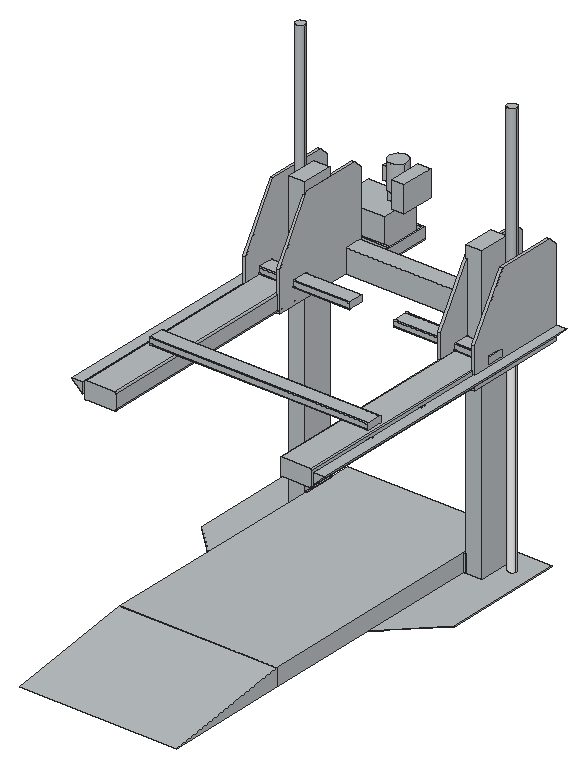
Revit family "DockEquipment_LiftTable_Pentalift_ForkTruckMaintenance", category Specialty Equipment, Revit 2026
Family settings
  Round Connector Dimension = Use Diameter
  Part Type = Normal
  Work Plane-Based = Yes
  Enable Cutting in Views = No
  Always vertical = No
  Cut with Voids When Loaded = No
  Maintain Annotation Orientation = No
  Shared = No
  Room Calculation Point = No
Parameters
  offset [instance] = 0' - 0"
  Warranty Duration (Years) = 0
  Unit Width = 8' - 1"
  Unit Length = 15' - 3 1/2"
  URL = "http://www.pentalift.com/index.php"
  Specification = ""
  SpecWizard = ""
  Send Message = "http://www.arcat.com/users.pl?action=UserEmail&company=Pentalift Equipment Corp.&coid=34752&rep=119&fax=519-763-2894&mf="
  Sales Information = "http://www.pentalift.com/about-us.htm"
  Revision = "R1_01-2012"
  Product Properties = ""
  Product Data = "http://www.arcat.com/arcatcos/cos34/arc34752.html"
  Platform Width = 5' - 0"
  Platform Length = 9' - 1"
  Platform Height [instance] = 6' - 6 3/4"
  Model = "As Specified"
  Material [instance] = Metal - Steel - Pentalift - Painted - Gray
  Manufacturer Website = "http://www.pentalift.com/index.php"
  Manufacturer Phone - Toll Free = ""
  Manufacturer Phone = "519-763-3625 "
  Manufacturer Fax = "519-763-2894"
  Manufacturer Address = "21 Nicholas Beaver Rd. Guelph, ON, Canada N1H 6H9 "
  Manufacturer = "Pentalift Equipment Corp."
  Maintenance Schedule (Months) = 0
  Keynote = "11160"
  Installation-Fabrication = ""
  Installation Phase = ""
  Green Building-LEED = ""
  Expected Lifespan (Years) = 0
  Drawn By = "Sumex Design, Inc. / Robert S. Weygant, CSI, CDT, SCIP"
  Description = "Pentalift Dock Equipment as Specified"
  Default Elevation = 4' - 0"
  Copyright = "©Arcat Inc."
  Construction Details = "http://www.arcat.com/details/pentalif/pentalif.html?coid=34752"
  Capacity (Weight) = 0.00 kip
  Assembly Code = "E1030300"
  Adjustable Support Position [instance] = 7' - 0"
Reference planes (in)
  plane 1 "Center (Front/Back)": y = 0
  plane 2 "Bottom": z = 0
  plane 3 "Center (Left/Right)": x = 0
  plane 4 "Front": y = -91.75
  plane 5 "Back": y = 91.75
  plane 6 "Left": x = -48.5
  plane 7 "Right": x = 48.5
  plane 8: y = 65.25
  plane 9: z = 6.75
  plane 10: z = 78.75
  plane 11: x = -30
  plane 12: x = 30
  plane 13: y = -43.75
  plane 14: z = 113
Forms (in)
  Extrusion 1, solid, material "Metal - Steel - Pentalift - Painted - Gray" <- "Material"
    sketch origin (0, 0, 0) x (1, 0, 0) y (0, 1, 0)
      loop
        line (-30, 65.25) -> (-30, -43.75) -> (30, -43.75) -> (30, 65.25) -> (-30, 65.25)
    from 0 to 6.75
  Extrusion 2, solid, material "Metal - Steel - Pentalift - Painted - Gray" <- "Material"
    sketch origin (-30, 36.45398, 48) x (0, 1, 0) y (0, 0, 1)
      loop
        line (-80.20398, -41.25) -> (-128.20398, -48) -> (-80.20398, -48) -> (-80.20398, -41.25)
    from 0 to 60
  Extrusion 3, solid, material "Metal - Steel - Pentalift - Painted - Gray" <- "Material"
    sketch origin (0, 0, 0) x (1, 0, 0) y (0, 1, 0)
      loop
        line (-31, 57.875) -> (-37, 57.875) -> (-37, 45.875) -> (-31, 45.875) -> (-31, 57.875)
      loop
        line (31, 57.875) -> (31, 45.875) -> (37, 45.875) -> (37, 57.875) -> (31, 57.875)
    from 0 to 113
  Extrusion 4, solid, material "Metal - Chrome - Pentalift - Polished"
    sketch origin (0, 0, 0) x (1, 0, 0) y (0, 1, 0)
      loop
        circle (-40.64961, 55.95848) r 1.5
      loop
        circle (40.64961, 55.95848) r 1.5
    from 0 to 106.75
  Extrusion 5, solid, material "Metal - Steel - Pentalift - Painted - Gray" <- "Material"
    sketch origin (0, 0, 0) x (1, 0, 0) y (0, 1, 0)
      loop
        line (-30, 65.25) -> (-48.5, 65.25) -> (-48.5, 18.5) -> (-30, 0) -> (-30, 65.25)
      loop
        line (30, 65.25) -> (30, 0) -> (48.5, 18.5) -> (48.5, 65.25) -> (30, 65.25)
    from 0 to 0.25
  Extrusion 6, solid, material "Metal - Steel - Pentalift - Painted - Gray" <- "Material"
    sketch origin (0, 0, 0) x (1, 0, 0) y (0, 1, 0)
      loop
        line (-31, 57.875) -> (-31, 45.875) -> (-30, 45.875) -> (-30, 57.875) -> (-31, 57.875)
      loop
        line (31, 57.875) -> (30, 57.875) -> (30, 45.875) -> (31, 45.875) -> (31, 57.875)
    from 0 to 6.75
Dimensions and locks (in)
  equal spacing: plane 6 "Left", plane 3 "Center (Left/Right)", plane 7 "Right"
  "Unit Width": plane 6 "Left" to plane 7 "Right"
  equal spacing: plane 5 "Back", plane 1 "Center (Front/Back)", plane 4 "Front"
  "Unit Length": plane 5 "Back" to plane 4 "Front"
  locked: plane 9 to level at 6.75
  "Platform Height": plane 10 to level
  equal spacing: plane 11, plane 3 "Center (Left/Right)", plane 12
  "Platform Width": plane 11 to plane 12
  locked: plane 13 to plane 4 "Front" at 48
  "Platform Length": plane 13 to plane 8
  locked: plane 14 to level at 113
  locked: Extrusion 4 to plane 10 at 28
  aligned and locked: plane 9 to Extrusion 1
  aligned and locked: plane 12 to Extrusion 2
  aligned and locked: plane 14 to Extrusion 3
  aligned and locked: plane 9 to Extrusion 6
  aligned and locked: plane 3 "Center (Left/Right)" to nested 1
  aligned and locked: nested 1 to plane 13
Automatic sketch dimensions
  Extrusion 1 sketch curve to plane 11 = 0' - 0"
  Extrusion 1 sketch curve to plane 12 = 0' - 0"
  Extrusion 1 sketch curve to plane 13 = 0' - 0"
  Extrusion 1 sketch curve to plane 8 = 0' - 0"
  Extrusion 2 sketch curve to level = 0' - 0"
  Extrusion 2 sketch curve to plane 4 "Front" = 0' - 0"
  Extrusion 2 sketch curve to plane 13 = 0' - 0"
  Extrusion 2 sketch curve to plane 9 = 0' - 0"
  Extrusion 5 sketch curve to plane 6 "Left" = 0' - 0"
  Extrusion 5 sketch curve to plane 1 "Center (Front/Back)" = 0' - 0"  (x2)
  Extrusion 5 sketch curve to plane 11 = 0' - 0"
  Extrusion 5 sketch curve to plane 8 = 0' - 0"  (x2)
  Extrusion 5 sketch curve to plane 12 = 0' - 0"
  Extrusion 5 sketch curve to plane 7 "Right" = 0' - 0"
  Extrusion 5 sketch curve to plane 1 "Center (Front/Back)" = 1' - 6 1/2"  (x2)
  Extrusion 3 sketch curve to plane 11 = 0' - 7"
  Extrusion 3 sketch curve to plane 11 = 0' - 1"
  plane 12 to Extrusion 3 sketch curve = 0' - 1"
  Extrusion 3 sketch curve to Extrusion 3 sketch curve = 0' - 6"
  Extrusion 3 sketch curve to plane 8 = 1' - 7 3/8"  (x2)
  Extrusion 3 sketch curve to plane 8 = 0' - 7 3/8"  (x2)
  Extrusion 6 sketch curve to plane 11 = 0' - 0"
  Extrusion 6 sketch curve to plane 12 = 0' - 0"
  Extrusion 6 sketch curve to plane 11 = 0' - 1"
  Extrusion 6 sketch curve to Extrusion 6 sketch curve = 0' - 1"
  Extrusion 6 sketch curve to plane 8 = 1' - 7 3/8"  (x2)
  Extrusion 6 sketch curve to plane 8 = 0' - 7 3/8"  (x2)
  plane 6 "Left" to Extrusion 4 sketch curve = 0' - 7.85039"
  Extrusion 4 sketch curve to plane 7 "Right" = 0' - 7.85039"
  Extrusion 4 sketch curve to plane 8 = 0' - 9.29152"  (x2)
  radius of Extrusion 4 sketch curve = 0' - 1 1/2"  (x2)
Nested families (in)
  nested 1: "Platform_ForkMaint" at (0, 14.25, 78.75), Material <- "Material", Adjustable Support Position <- "Adjustable Support Position", type "Platform_ForkMaint"
    with offset 0' - 0", Platform Height 6' - 6 3/4", Material Metal - Steel - Pentalift - Painted - Gray, Adjustable Support Position 7' - 0"
Definition of nested family "Platform_ForkMaint"
  Parameters
    offset [instance] = 0' - 0"
    Warranty Duration (Years) = 0
    Unit Width = 8' - 1"
    Unit Length = 9' - 8"
    URL = "http://www.pentalift.com/index.php"
    Specification = ""
    SpecWizard = ""
    Send Message = "http://www.arcat.com/users.pl?action=UserEmail&company=Pentalift Equipment Corp.&coid=34752&rep=119&fax=519-763-2894&mf="
    Sales Information = "http://www.pentalift.com/about-us.htm"
    Revision = "R1_01-2012"
    Product Properties = ""
    Product Data = "http://www.arcat.com/arcatcos/cos34/arc34752.html"
    Platform Width = 5' - 0"
    Platform Length = 9' - 1"
    Platform Height [instance] = 6' - 6 3/4"
    Model = "As Specified"
    Material [instance] = none
    Manufacturer Website = "http://www.pentalift.com/index.php"
    Manufacturer Phone - Toll Free = ""
    Manufacturer Phone = "519-763-3625 "
    Manufacturer Fax = "519-763-2894"
    Manufacturer Address = "21 Nicholas Beaver Rd. Guelph, ON, Canada N1H 6H9 "
    Manufacturer = "Pentalift Equipment Corp."
    Maintenance Schedule (Months) = 0
    Keynote = "11160"
    Installation-Fabrication = ""
    Installation Phase = ""
    Green Building-LEED = ""
    Expected Lifespan (Years) = 0
    Drawn By = "Sumex Design, Inc. / Robert S. Weygant, CSI, CDT, SCIP"
    Description = "Pentalift Dock Equipment as Specified"
    Default Elevation = 4' - 0"
    Copyright = "©Arcat Inc."
    Construction Details = "http://www.arcat.com/details/pentalif/pentalif.html?coid=34752"
    Capacity (Weight) = 0.00 kip
    Assembly Code = "E1030300"
    Adjustable Support Position [instance] = 7' - 0"
  Reference planes (in)
    plane 1 "Center (Front/Back)": y = 0
    plane 2 "Bottom": z = 0
    plane 3 "Center (Left/Right)": x = 0
    plane 4 "Front": y = -58
    plane 5 "Back": y = 58
    plane 6 "Left": x = -48.5
    plane 7 "Right": x = 48.5
    plane 8: z = 31
    plane 9: z = -5.5
    plane 10: z = 81
    plane 11: x = -44.5
    plane 12: x = 44.5
    plane 13: x = 30.5
    plane 14: x = -30.5
    plane 15: y = -26
    plane 16: y = 19
    plane 17: y = -6
    plane 18: y = -31
    plane 19: y = -56
    plane 20: z = 1
  Forms (in)
    Extrusion 1, solid, material <- "Material"
      sketch origin (-11.94222, -58, 48) x (-1, 0, 0) y (0, 0, 1)
        loop
          line (36.55778, -48) -> (32.55778, -48) -> (32.55778, -52) -> (36.55778, -48)
        loop
          line (-60.44222, -48) -> (-56.44222, -52) -> (-56.44222, -48) -> (-60.44222, -48)
      from 0 to 116
    Extrusion 2, solid, material <- "Material"
      sketch origin (-11.94222, -58, 48) x (-1, 0, 0) y (0, 0, 1)
        loop
          line (31.05778, -47) -> (20.05778, -47)
          arc (20.05778, -47) -> (19.70423, -47.14645) -> (19.55778, -47.5) r 0.5
          line (19.55778, -47.5) -> (19.55778, -53)
          arc (19.55778, -53) -> (19.70423, -53.35355) -> (20.05778, -53.5) r 0.5
          line (20.05778, -53.5) -> (31.05778, -53.5)
          arc (31.05778, -53.5) -> (31.41134, -53.35355) -> (31.55778, -53) r 0.5
          line (31.55778, -53) -> (31.55778, -47.5)
          arc (31.55778, -47.5) -> (31.41134, -47.14645) -> (31.05778, -47) r 0.5
        loop
          arc (-54.94222, -47) -> (-55.29577, -47.14645) -> (-55.44222, -47.5) r 0.5
          line (-55.44222, -47.5) -> (-55.44222, -53)
          arc (-55.44222, -53) -> (-55.29577, -53.35355) -> (-54.94222, -53.5) r 0.5
          line (-54.94222, -53.5) -> (-43.94222, -53.5)
          arc (-43.94222, -53.5) -> (-43.58866, -53.35355) -> (-43.44222, -53) r 0.5
          line (-43.44222, -53) -> (-43.44222, -47.5)
          arc (-43.44222, -47.5) -> (-43.58866, -47.14645) -> (-43.94222, -47) r 0.5
          line (-43.94222, -47) -> (-54.94222, -47)
      from 0 to 95.5
    Extrusion 3, solid, material <- "Material"
      sketch origin (0, 0, 0) x (1, 0, 0) y (0, 1, 0)
        loop
          line (-44.5, -57) -> (-43.5, -57) -> (-43.5, -55) -> (-44.5, -55) -> (-44.5, -57)
        loop
          line (-44.5, -32) -> (-43.5, -32) -> (-43.5, -30) -> (-44.5, -30) -> (-44.5, -32)
        loop
          line (-44.5, -7) -> (-43.5, -7) -> (-43.5, -5) -> (-44.5, -5) -> (-44.5, -7)
        loop
          line (44.5, -57) -> (44.5, -55) -> (43.5, -55) -> (43.5, -57) -> (44.5, -57)
        loop
          line (44.5, -32) -> (44.5, -30) -> (43.5, -30) -> (43.5, -32) -> (44.5, -32)
        loop
          line (44.5, -7) -> (44.5, -5) -> (43.5, -5) -> (43.5, -7) -> (44.5, -7)
      from -0.25 to -3.25
    Sweep 4, solid, material <- "Material"
      path origin (0, -58, 1) x (-1, 0, 0) y (0, -1, 0)
        loop
          line (42, -32) -> (-42, -32)
      profile origin (0, -26, 1) x (0, 1, 0) y (0, 0, 1)
        loop
          line (2.75, 2.5) -> (-2.75, 2.5)
          arc (-2.75, 2.5) -> (-2.92678, 2.42678) -> (-3, 2.25) r 0.25
          line (-3, 2.25) -> (-3, 0.25)
          arc (-3, 0.25) -> (-2.92678, 0.07322) -> (-2.75, 0) r 0.25
          line (-2.75, 0) -> (2.75, 0)
          arc (2.75, 0) -> (2.92678, 0.07322) -> (3, 0.25) r 0.25
          line (3, 0.25) -> (3, 2.25)
          arc (3, 2.25) -> (2.92678, 2.42678) -> (2.75, 2.5) r 0.25
    Extrusion 5, solid, material <- "Material"
      sketch origin (-44.5, -180, -5.5) x (0, 0, -1) y (0, -1, 0)
        loop
          line (0, -199) -> (-15.25, -199) -> (-36.5, -212.27847) -> (-36.5, -235.02847) -> (-33.52847, -238) -> (0, -238) -> (0, -199)
      from 0 to -1
    Extrusion 6, solid, material <- "Material"
      sketch origin (-30.5, -91, 48) x (0, -1, 0) y (0, 0, 1)
        loop
          line (-110, -53.5) -> (-110, -38.25) -> (-123.27847, -17) -> (-146.02847, -17) -> (-149, -19.97153) -> (-149, -53.5) -> (-110, -53.5)
      from 0 to 1
    Extrusion 7, solid, material <- "Material"
      sketch origin (44.5, -180, -5.5) x (0, 0, -1) y (0, -1, 0)
        loop
          line (0, -199) -> (-15.25, -199) -> (-36.5, -212.27847) -> (-36.5, -235.02847) -> (-33.52847, -238) -> (0, -238) -> (0, -199)
      from 0 to 1
    Extrusion 8, solid, material <- "Material"
      sketch origin (30.5, 82.57514, 48) x (0, 1, 0) y (0, 0, 1)
        loop
          line (-63.57514, -53.5) -> (-24.57514, -53.5) -> (-24.57514, -19.97153) -> (-27.54667, -17) -> (-50.29667, -17) -> (-63.57514, -38.25) -> (-63.57514, -53.5)
      from 0 to 1
    Sweep 9, solid, material <- "Material"
      path origin (0, -39.75, 1) x (-1, 0, 0) y (0, -1, 0)
        loop
          line (45, -68) -> (8.5, -68)
      profile origin (-26.75, 28.25, 1) x (0, 1, 0) y (0, 0, 1)
        loop
          line (2.75, 2.5) -> (-2.75, 2.5)
          arc (-2.75, 2.5) -> (-2.92678, 2.42678) -> (-3, 2.25) r 0.25
          line (-3, 2.25) -> (-3, 0.25)
          arc (-3, 0.25) -> (-2.92678, 0.07322) -> (-2.75, 0) r 0.25
          line (-2.75, 0) -> (2.75, 0)
          arc (2.75, 0) -> (2.92678, 0.07322) -> (3, 0.25) r 0.25
          line (3, 0.25) -> (3, 2.25)
          arc (3, 2.25) -> (2.92678, 2.42678) -> (2.75, 2.5) r 0.25
    Sweep 10, solid, material <- "Material"
      path origin (0, -39.75, 1) x (-1, 0, 0) y (0, -1, 0)
        loop
          line (-45, -68) -> (-8.5, -68)
      profile origin (26.75, 28.25, 1) x (0, -1, 0) y (0, 0, 1)
        loop
          arc (-2.75, 2.5) -> (-2.92678, 2.42678) -> (-3, 2.25) r 0.25
          line (-3, 2.25) -> (-3, 0.25)
          arc (-3, 0.25) -> (-2.92678, 0.07322) -> (-2.75, 0) r 0.25
          line (-2.75, 0) -> (2.75, 0)
          arc (2.75, 0) -> (2.92678, 0.07322) -> (3, 0.25) r 0.25
          line (3, 0.25) -> (3, 2.25)
          arc (3, 2.25) -> (2.92678, 2.42678) -> (2.75, 2.5) r 0.25
          line (2.75, 2.5) -> (-2.75, 2.5)
    Extrusion 11, solid, material <- "Material"
      sketch origin (0, 0, 0) x (1, 0, 0) y (0, 1, 0)
        loop
          circle (-40.64961, 41.70848) r 1.75
        loop
          circle (40.64961, 41.70848) r 1.75
      from 0 to 81
    Extrusion 12, solid, material <- "Material"
      sketch origin (0, 0, 0) x (1, 0, 0) y (0, 1, 0)
        loop
          line (-43.71297, 77.8974) -> (-43.71297, 57.2724) -> (-21.96297, 57.2724) -> (-21.96297, 77.8974) -> (-43.71297, 77.8974)
      from -2.75 to -2.5
    Extrusion 13, solid, material <- "Material"
      sketch origin (0, 57.68752, -5.5) x (-1, 0, 0) y (0, -1, 0)
        loop
          line (43.5, 6.93752) -> (-43.5, 6.93752) -> (-43.5, 0.41512) -> (43.5, 0.41512) -> (43.5, 6.93752)
      from 0 to -9
    Sweep 14, solid, material <- "Material"
      path in 3D
        loop
          line (-21.96297, 57.2724, -2.5) -> (-21.96297, 77.8974, -2.5) -> (-43.71297, 77.8974, -2.5) -> (-43.71297, 57.2724, -2.5)
      profile origin (-32.83797, 77.8974, -2.5) x (0, -1, 0) y (0, 0, 1)
        loop
          line (0, 0) -> (4.25, 0) -> (4.25, 0.25) -> (0.25, 0.25) -> (0.25, 4.25) -> (0, 4.25) -> (0, 0)
    Sweep 15, solid, material <- "Material"
      path origin (0, -58, 1) x (-1, 0, 0) y (0, -1, 0)
        loop
          line (43.46297, -119.25) -> (21.96297, -119.25)
      profile origin (-32.71297, 61.25, 1) x (0, 1, 0) y (0, 0, 1)
        loop
          line (4.25, -3.25) -> (0.25, -3.25) -> (0.25, 0.75) -> (0, 0.75) -> (0, -3.5) -> (4.25, -3.5) -> (4.25, -3.25)
    Extrusion 16, solid, material <- "Material"
      sketch origin (0, -58, 1) x (-1, 0, 0) y (0, 1, 0)
        loop
          line (24.1899, 135.6474) -> (19.4399, 135.6474) -> (19.4399, 122.8974) -> (24.1899, 122.8974) -> (24.1899, 135.6474)
      from -21.72646 to -11.75665
    Extrusion 17, solid, material <- "Material"
      sketch origin (0, -58, 1) x (-1, 0, 0) y (0, 1, 0)
        loop
          line (33.46169, 133.1321) -> (24.1899, 133.1321) -> (24.1899, 130.20566) -> (33.46169, 130.20566) -> (33.46169, 133.1321)
      from -20.31448 to -15.30906
    Extrusion 18, solid, material <- "Material"
      sketch origin (0, -58, 1) x (-1, 0, 0) y (0, 1, 0)
        loop
          line (43.00524, 135.6474) -> (24.91018, 135.6474) -> (24.91018, 120.3974) -> (43.00524, 120.3974) -> (43.00524, 135.6474)
      from 3.25 to -9.81016
    Extrusion 19, solid, material <- "Material"
      sketch origin (-30.5, -91, 48) x (0, -1, 0) y (0, 0, 1)
        loop
          line (-166.52651, -33.29687) -> (-166.52651, -42.24335) -> (-162.02651, -42.24335) -> (-162.02651, -33.29687) -> (-166.52651, -33.29687)
      from 0 to -3.77271
    Extrusion 20, solid, material <- "Material"
      sketch origin (0, 57.68752, 31) x (0, 1, 0) y (-1, 0, 0)
        loop
          line (-13.07681, -43.5) -> (-13.07681, -40.25) -> (-18.57681, -40.25) -> (-18.57681, -43.5) -> (-13.07681, -43.5)
        loop
          line (-13.07681, 43.5) -> (-18.57681, 43.5) -> (-18.57681, 40.25) -> (-13.07681, 40.25) -> (-13.07681, 43.5)
      from -5.625 to -6.125
    Extrusion 21, solid, material <- "Material"
      sketch origin (0, 57.68752, -5.5) x (-1, 0, 0) y (0, -1, 0)
        loop
          line (-43.5, 13.07681) -> (-40.25, 13.07681) -> (-40.25, 18.57681) -> (-43.5, 18.57681) -> (-43.5, 13.07681)
        loop
          line (43.5, 13.07681) -> (43.5, 18.57681) -> (40.25, 18.57681) -> (40.25, 13.07681) -> (43.5, 13.07681)
      from -5.625 to -6.125
    Extrusion 22, solid, material <- "Material"
      sketch origin (0, -58, 1) x (-1, 0, 0) y (0, 1, 0)
        loop
          arc (31.56323, 130.20566) -> (28.23671, 134.79388) -> (24.91018, 130.20566) r 3.5
          arc (24.91018, 130.20566) -> (28.23671, 127.79388) -> (31.56323, 130.20566) r 3.5
      from -23.7679 to -13.70313
  Cuts and joins
    joined: Extrusion 2, Extrusion 5, Extrusion 6, Extrusion 7, Extrusion 8, Sweep 9, Sweep 10, Extrusion 11, Extrusion 13, Extrusion 20, Extrusion 21
    joined: Sweep 14, Sweep 15
    joined: Extrusion 16, Extrusion 17, Extrusion 18, Extrusion 19, Extrusion 22
  Lines and regions (in)
    sketch lines
      curve 1: line (-21.96297, 77.8974, -2.5) -> (-43.71297, 77.8974, -2.5)
      curve 2: line (-21.96297, 57.2724, -2.5) -> (-21.96297, 77.8974, -2.5)
      curve 3: line (-43.71297, 77.8974, -2.5) -> (-43.71297, 57.2724, -2.5)
  Dimensions and locks (in)
    equal spacing: plane 6 "Left", plane 3 "Center (Left/Right)", plane 7 "Right"
    "Unit Width": plane 6 "Left" to plane 7 "Right"
    equal spacing: plane 5 "Back", plane 1 "Center (Front/Back)", plane 4 "Front"
    "Unit Length": plane 5 "Back" to plane 4 "Front"
    locked: plane 6 "Left" to plane 11 at 4
    locked: plane 12 to plane 7 "Right" at 4
    plane 14 to plane 3 "Center (Left/Right)" to plane 13 = 2' - 6 1/2" locked, 2' - 6 1/2" locked
    "Adjustable Support Position": plane 5 "Back" to plane 15
    locked: plane 5 "Back" to plane 16 at 39
    locked: plane 19 to plane 4 "Front" at 2
    equal spacing: plane 16, plane 17, plane 18, plane 19
    locked: plane 20 to level at 1
    locked: plane 5 "Back" to Extrusion 2 at 20.5
    aligned and locked: plane 5 "Back" to Extrusion 1
    aligned and locked: plane 10 to Extrusion 11
  Automatic sketch dimensions
    Extrusion 1 sketch curve to level = 0' - 0"  (x2)
    Extrusion 1 sketch curve to plane 7 "Right" = 0' - 0"
    Extrusion 1 sketch curve to plane 12 = 0' - 0"
    Extrusion 1 sketch curve to plane 11 = 0' - 0"
    Extrusion 1 sketch curve to plane 6 "Left" = 0' - 0"
    Extrusion 1 sketch curve to plane 9 = 0' - 1 1/2"  (x2)
    Extrusion 2 sketch curve to plane 9 = 0' - 0"  (x2)
    Extrusion 2 sketch curve to plane 20 = 0' - 0"  (x2)
    Extrusion 2 sketch curve to plane 9 = 0' - 0 1/2"  (x2)
    plane 12 to Extrusion 2 sketch curve = 0' - 1"
    level to Extrusion 2 sketch curve = 0' - 0 1/2"
    plane 13 to Extrusion 2 sketch curve = 0' - 1 1/2"  (x2)
    Extrusion 2 sketch curve to Extrusion 2 sketch curve = 0' - 0 1/2"  (x3)
    plane 14 to Extrusion 2 sketch curve = 0' - 1"
    Extrusion 2 sketch curve to plane 11 = 0' - 1 1/2"  (x2)
    Extrusion 3 sketch curve to plane 11 = 0' - 0"  (x3)
    Extrusion 3 sketch curve to plane 12 = 0' - 0"  (x3)
    Extrusion 3 sketch curve to Extrusion 3 sketch curve = 0' - 1"  (x3)
    plane 12 to Extrusion 3 sketch curve = 0' - 1"  (x3)
    plane 4 "Front" to Extrusion 3 sketch curve = 0' - 1"  (x2)
    plane 19 to Extrusion 3 sketch curve = 0' - 1"  (x2)
    Extrusion 3 sketch curve to plane 18 = 0' - 1"  (x2)
    plane 18 to Extrusion 3 sketch curve = 0' - 1"  (x2)
    Extrusion 3 sketch curve to plane 17 = 0' - 1"  (x2)
    plane 17 to Extrusion 3 sketch curve = 0' - 1"  (x2)
    plane 12 to Sweep 4 sketch curve = 0' - 2 1/2"
    Sweep 4 sketch curve to plane 11 = 0' - 2 1/2"
    Sweep 4 sketch curve to plane 15 = 0' - 0"
    Sweep 4 sketch curve to plane 20 = 0' - 0"
    Sweep 4 sketch curve to plane 20 = 0' - 0 1/4"
    profile plane to Sweep 4 sketch curve = 0' - 3"
    Sweep 4 sketch curve to Sweep 4 sketch curve = 0' - 0 1/4"  (x2)
    Sweep 4 sketch curve to profile plane = 0' - 2 3/4"
    Sweep 4 sketch curve to Sweep 4 sketch curve = 0' - 0"
    Sweep 4 sketch curve to Sweep 4 sketch curve = 0' - 2"
    Extrusion 5 sketch curve to plane 8 = 0' - 0"
    Extrusion 5 sketch curve to plane 5 "Back" = 0' - 0"
    Extrusion 5 sketch curve to plane 16 = 0' - 0"
    Extrusion 5 sketch curve to plane 9 = 0' - 0"
    Extrusion 5 sketch curve to plane 8 = 0' - 2.97153"
    Extrusion 5 sketch curve to plane 20 = 0' - 8 3/4"
    Extrusion 5 sketch curve to plane 5 "Back" = 0' - 2.97153"
    plane 16 to Extrusion 5 sketch curve = 1' - 1.27847"
    Extrusion 6 sketch curve to plane 5 "Back" = 0' - 0"
    Extrusion 6 sketch curve to plane 8 = 0' - 0"
    Extrusion 6 sketch curve to plane 16 = 0' - 0"
    Extrusion 6 sketch curve to plane 9 = 0' - 0"
    Extrusion 6 sketch curve to plane 5 "Back" = 0' - 2.97153"
    plane 16 to Extrusion 6 sketch curve = 1' - 1.27847"
    Extrusion 6 sketch curve to plane 20 = 0' - 8 3/4"
    Extrusion 6 sketch curve to plane 8 = 0' - 2.97153"
    Extrusion 7 sketch curve to plane 8 = 0' - 0"
    Extrusion 7 sketch curve to plane 5 "Back" = 0' - 0"
    Extrusion 7 sketch curve to plane 16 = 0' - 0"
    Extrusion 7 sketch curve to plane 9 = 0' - 0"
    Extrusion 7 sketch curve to plane 8 = 0' - 2.97153"
    Extrusion 7 sketch curve to plane 20 = 0' - 8 3/4"
    Extrusion 7 sketch curve to plane 5 "Back" = 0' - 2.97153"
    plane 16 to Extrusion 7 sketch curve = 1' - 1.27847"
    Extrusion 8 sketch curve to plane 9 = 0' - 0"
    Extrusion 8 sketch curve to plane 16 = 0' - 0"
    Extrusion 8 sketch curve to plane 8 = 0' - 0"
    Extrusion 8 sketch curve to plane 5 "Back" = 0' - 0"
    plane 16 to Extrusion 8 sketch curve = 1' - 1.27847"
    Extrusion 8 sketch curve to plane 5 "Back" = 0' - 2.97153"
    Extrusion 8 sketch curve to plane 20 = 0' - 8 3/4"
    Extrusion 8 sketch curve to plane 8 = 0' - 2.97153"
    Sweep 9 sketch curve to plane 20 = 0' - 0"
    Sweep 9 sketch curve to plane 20 = 0' - 0 1/4"
    profile plane to Sweep 9 sketch curve = 0' - 3"
    Sweep 9 sketch curve to Sweep 9 sketch curve = 0' - 0 1/4"  (x2)
    Sweep 9 sketch curve to profile plane = 0' - 2 3/4"
    Sweep 9 sketch curve to Sweep 9 sketch curve = 0' - 0"
    Sweep 9 sketch curve to Sweep 9 sketch curve = 0' - 2"
    Sweep 10 sketch curve to plane 20 = 0' - 0"
    Sweep 10 sketch curve to plane 20 = 0' - 0 1/4"
    profile plane to Sweep 10 sketch curve = 0' - 3"
    Sweep 10 sketch curve to Sweep 10 sketch curve = 0' - 0 1/4"  (x2)
    Sweep 10 sketch curve to profile plane = 0' - 2 3/4"
    Sweep 10 sketch curve to Sweep 10 sketch curve = 0' - 0"
    Sweep 10 sketch curve to Sweep 10 sketch curve = 0' - 2"
    Sweep 9 sketch curve to plane 3 "Center (Left/Right)" = 0' - 8 1/2"
    plane 11 to Sweep 9 sketch curve = 0' - 0 1/2"
    plane 16 to Sweep 9 sketch curve = 0' - 9 1/4"
    Sweep 10 sketch curve to plane 12 = 0' - 0 1/2"
    plane 3 "Center (Left/Right)" to Sweep 10 sketch curve = 0' - 8 1/2"
    plane 16 to Sweep 10 sketch curve = 0' - 9 1/4"
    Extrusion 11 sketch curve to plane 11 = 0' - 3.85039"
    plane 12 to Extrusion 11 sketch curve = 0' - 3.85039"
    Extrusion 11 sketch curve to plane 5 "Back" = 1' - 4.29152"  (x2)
    Extrusion 13 sketch curve to plane 12 = 0' - 1"
    plane 11 to Extrusion 13 sketch curve = 0' - 1"
    plane 5 "Back" to Extrusion 13 sketch curve = 0' - 7 1/4"
    plane 5 "Back" to Extrusion 13 sketch curve = 0' - 0.7276"
    Extrusion 12 sketch curve to plane 11 = 0' - 0.78703"
    Extrusion 12 sketch curve to plane 5 "Back" = 0' - 0.7276"
    Extrusion 12 sketch curve to plane 14 = 0' - 8.53703"
    plane 5 "Back" to Extrusion 12 sketch curve = 1' - 7.8974"
    Sweep 14 sketch curve to profile plane = 0' - 0"  (x2)
    Sweep 14 sketch curve to profile plane = 0' - 0 1/4"
    Sweep 14 sketch curve to Sweep 14 sketch curve = 0' - 4"  (x2)
    profile plane to Sweep 14 sketch curve = 0' - 0 1/4"
    plane 5 "Back" to Sweep 15 sketch curve = 0' - 3 1/4"
    Sweep 15 sketch curve to plane 14 = 0' - 8.53703"
    Sweep 15 sketch curve to plane 11 = 0' - 1.03703"
    Sweep 15 sketch curve to profile plane = 0' - 0"
    Sweep 15 sketch curve to profile plane = 0' - 0 1/4"
    Sweep 15 sketch curve to Sweep 15 sketch curve = 0' - 4"
    plane 20 to Sweep 15 sketch curve = 0' - 3 1/2"
    Sweep 15 sketch curve to Sweep 15 sketch curve = 0' - 0 1/4"
    Sweep 15 sketch curve to plane 20 = 0' - 0 3/4"
    Extrusion 16 sketch curve to plane 14 = 0' - 11.0601"
    Extrusion 16 sketch curve to Extrusion 16 sketch curve = 0' - 4 3/4"
    plane 5 "Back" to Extrusion 16 sketch curve = 1' - 7.6474"
    plane 5 "Back" to Extrusion 16 sketch curve = 0' - 6.8974"
    plane 14 to Extrusion 17 sketch curve = 0' - 2.96169"
    Extrusion 18 sketch curve to plane 14 = 0' - 5.58982"
    Extrusion 18 sketch curve to Extrusion 18 sketch curve = 1' - 6.09506"
    plane 5 "Back" to Extrusion 18 sketch curve = 1' - 7.6474"
    plane 5 "Back" to Extrusion 18 sketch curve = 0' - 4.3974"
    Extrusion 19 sketch curve to plane 20 = 0' - 4.75665"
    plane 5 "Back" to Extrusion 19 sketch curve = 1' - 5.52651"
    Extrusion 19 sketch curve to Extrusion 19 sketch curve = 0' - 4 1/2"
    Extrusion 19 sketch curve to Extrusion 19 sketch curve = 0' - 8.94649"
    Extrusion 20 sketch curve to plane 11 = 0' - 4 1/4"
    Extrusion 20 sketch curve to plane 5 "Back" = 1' - 6.88929"  (x2)
    plane 12 to Extrusion 20 sketch curve = 0' - 1"
    Extrusion 20 sketch curve to Extrusion 20 sketch curve = 0' - 5 1/2"  (x2)
    Extrusion 20 sketch curve to Extrusion 20 sketch curve = 0' - 3 1/4"
    Extrusion 20 sketch curve to plane 11 = 0' - 1"
    Extrusion 21 sketch curve to plane 12 = 0' - 1"
    Extrusion 21 sketch curve to Extrusion 21 sketch curve = 0' - 3 1/4"
    plane 11 to Extrusion 21 sketch curve = 0' - 4 1/4"
    plane 11 to Extrusion 21 sketch curve = 0' - 1"
    plane 5 "Back" to Extrusion 21 sketch curve = 1' - 6.88929"  (x2)
    Extrusion 21 sketch curve to Extrusion 21 sketch curve = 0' - 5 1/2"  (x2)
    Extrusion 17 sketch curve to Extrusion 17 sketch curve = 0' - 9.27179"
    plane 5 "Back" to Extrusion 17 sketch curve = 1' - 5.1321"
    Extrusion 17 sketch curve to Extrusion 17 sketch curve = 0' - 2.92644"
    Extrusion 22 sketch curve to Extrusion 22 sketch curve = 0' - 0"
    Extrusion 22 sketch curve to plane 14 = 0' - 5.58982"
    Extrusion 22 sketch curve to plane 14 = 0' - 2.26329"
    plane 14 to Extrusion 22 sketch curve = 0' - 1.06323"
    plane 5 "Back" to Extrusion 22 sketch curve = 1' - 3.29388"
    Extrusion 22 sketch curve to Extrusion 22 sketch curve = 0' - 1.08822"
    radius of Extrusion 11 sketch curve = 0' - 1 3/4"  (x2)
